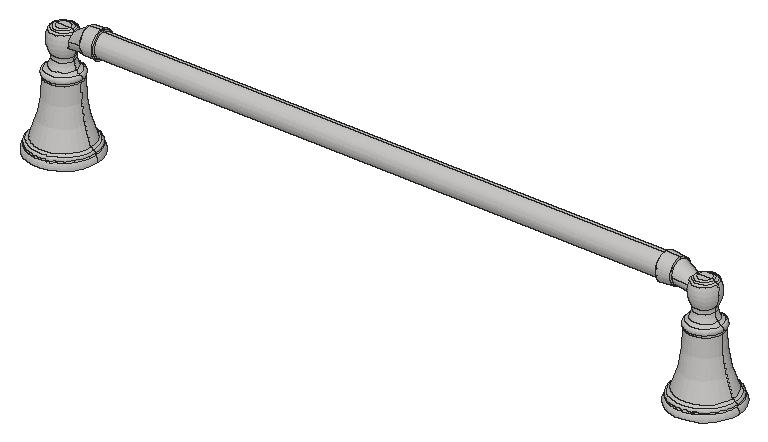
Revit family "FG73218-SUP413763_BIM", category Plumbing Fixtures, host Face, Revit 2014
Parameters (values of type "Standard")
  Width = 19 237/256"  # constant formula
  Vent Connection = no
  URL = "www.deltafaucet.com"
  Manufacturer = "DELTA"  # constant formula
  Faucet Material = Metal - Delta - Stainless-Steel
  Model = "FG73218-SUP413763"  # constant formula
  Height = 3 101/256"  # constant formula
  Description = "Faucet"  # constant formula
  Depth = 1 29/32"  # constant formula
  Default Elevation = 0"
Reference planes (in)
  plane 1 "Center (Front/Back)": y = 0
  plane 2: z = 0
  plane 3 "Center (Left/Right)": x = 0
  plane 4: z = 3.39453
  plane 5: y = 0.95312
  plane 6: y = -0.95313
  plane 7: x = -9.96289
  plane 8: x = 9.96289
Forms (in)
  Revolve 1, solid, material "Metal - Delta - Stainless-Steel" <- "Faucet Material"
    sketch origin (0, 0, 0) x (1, 0, 0) y (0, 0, 1)
      loop
        line (-9.00147, 0) -> (-9.00147, 3.14703) -> (-9.19547, 3.14703)
        arc (-9.19547, 3.14703) -> (-9.22476, 3.13957) -> (-9.2469, 3.119) r 0.06121
        arc (-9.2469, 3.119) -> (-9.27048, 3.09628) -> (-9.30172, 3.08647) r 0.07142
        arc (-9.30172, 3.08647) -> (-9.3304, 3.0758) -> (-9.34886, 3.05139) r 0.05472
        arc (-9.34886, 3.05139) -> (-9.39247, 2.76052) -> (-9.31059, 2.47802) r 0.6879
        arc (-9.31059, 2.47802) -> (-9.28802, 2.41515) -> (-9.28539, 2.34841) r 0.2195
        arc (-9.28539, 2.34841) -> (-9.30933, 2.23977) -> (-9.35508, 2.13837) r 0.53859
        arc (-9.35508, 2.13837) -> (-9.39721, 2.08925) -> (-9.45406, 2.05834) r 0.17895
        arc (-9.45406, 2.05834) -> (-9.50724, 2.00957) -> (-9.50558, 1.93743) r 0.08734
        arc (-9.50558, 1.93743) -> (-9.49384, 1.90521) -> (-9.4887, 1.87131) r 0.1727
        arc (-9.4887, 1.87131) -> (-9.54035, 1.09129) -> (-9.77165, 0.34457) r 3.3445
        arc (-9.77165, 0.34457) -> (-9.80221, 0.30336) -> (-9.84744, 0.27915) r 0.11724
        arc (-9.84744, 0.27915) -> (-9.88394, 0.25157) -> (-9.89175, 0.2065) r 0.06228
        arc (-9.89175, 0.2065) -> (-9.892, 0.18866) -> (-9.89979, 0.1726) r 0.04114
        arc (-9.89979, 0.1726) -> (-9.94155, 0.09119) -> (-9.94907, 0) r 0.2351
        line (-9.94907, 0) -> (-9.00147, 0)
      axis (-9.00147, 0) -> (-9.00147, 3.14703)
    angle from 0 to 360
  Revolve 2, solid, material "Metal - Delta - Stainless-Steel" <- "Faucet Material"
    sketch origin (0, 0, 0) x (1, 0, 0) y (0, 0, 1)
      loop
        arc (-7.92333, 3.40297) -> (-8.08989, 3.39758) -> (-8.25586, 3.38257) r 2.87932
        line (-8.25586, 3.38257) -> (-8.25586, 3.02989) -> (8.29734, 3.02989) -> (8.29734, 3.37651)
        arc (8.29734, 3.37651) -> (8.10784, 3.39602) -> (7.91747, 3.40297) r 2.87932
        arc (7.91747, 3.40297) -> (7.90302, 3.39703) -> (7.89703, 3.38259) r 0.02038
        line (7.89703, 3.38259) -> (7.89703, 3.34331) -> (-7.90289, 3.34331) -> (-7.90289, 3.38259)
        arc (-7.90289, 3.38259) -> (-7.90888, 3.39703) -> (-7.92333, 3.40297) r 0.02038
      axis (-8.25586, 3.02989) -> (8.29734, 3.02989)
    angle from 0 to 360
  Revolve 3, solid, material "Metal - Delta - Stainless-Steel" <- "Faucet Material"
    sketch origin (0, 0, 0) x (-1, 0, 0) y (0, 0, 1)
      loop
        line (-9.00147, 0) -> (-9.00147, 3.14703) -> (-9.19547, 3.14703)
        arc (-9.19547, 3.14703) -> (-9.22476, 3.13957) -> (-9.2469, 3.119) r 0.06121
        arc (-9.2469, 3.119) -> (-9.27048, 3.09628) -> (-9.30172, 3.08647) r 0.07142
        arc (-9.30172, 3.08647) -> (-9.3304, 3.0758) -> (-9.34886, 3.05139) r 0.05472
        arc (-9.34886, 3.05139) -> (-9.39247, 2.76052) -> (-9.31059, 2.47802) r 0.6879
        arc (-9.31059, 2.47802) -> (-9.28802, 2.41515) -> (-9.28539, 2.34841) r 0.2195
        arc (-9.28539, 2.34841) -> (-9.30933, 2.23977) -> (-9.35508, 2.13837) r 0.53859
        arc (-9.35508, 2.13837) -> (-9.39721, 2.08925) -> (-9.45406, 2.05834) r 0.17895
        arc (-9.45406, 2.05834) -> (-9.50724, 2.00957) -> (-9.50558, 1.93743) r 0.08734
        arc (-9.50558, 1.93743) -> (-9.49384, 1.90521) -> (-9.4887, 1.87131) r 0.1727
        arc (-9.4887, 1.87131) -> (-9.54035, 1.09129) -> (-9.77165, 0.34457) r 3.3445
        arc (-9.77165, 0.34457) -> (-9.80221, 0.30336) -> (-9.84744, 0.27915) r 0.11724
        arc (-9.84744, 0.27915) -> (-9.88394, 0.25157) -> (-9.89175, 0.2065) r 0.06228
        arc (-9.89175, 0.2065) -> (-9.892, 0.18866) -> (-9.89979, 0.1726) r 0.04114
        arc (-9.89979, 0.1726) -> (-9.94155, 0.09119) -> (-9.94907, 0) r 0.2351
        line (-9.94907, 0) -> (-9.00147, 0)
      axis (-9.00147, 0) -> (-9.00147, 3.14703)
    angle from 0 to 360
  Blend 4, solid, material "Metal - Delta - Stainless-Steel" <- "Faucet Material"
    base sketch origin (0, 0, 0) x (0, 1, 0) y (0, 0, 1)
      loop
        arc (0.21597, 2.89299) -> (0, 3.0389) -> (-0.21597, 2.89299) r 0.23279
        arc (-0.21597, 2.89299) -> (0, 2.64492) -> (0.21597, 2.89299) r 0.21805
    top sketch origin (0, 0, 0) x (0, 1, 0) y (0, 0, 1)
      loop
        circle (0, 3.0315) r 0.31182
    from -8.77803 to -8.29763
  Blend 5, solid, material "Metal - Delta - Stainless-Steel" <- "Faucet Material"
    base sketch origin (0, 0, 0) x (0, 1, 0) y (0, 0, -1)
      loop
        arc (0.21597, -2.89299) -> (0, -2.64492) -> (-0.21597, -2.89299) r 0.21805
        arc (-0.21597, -2.89299) -> (0, -3.0389) -> (0.21597, -2.89299) r 0.23279
    top sketch origin (0, 0, 0) x (0, 1, 0) y (0, 0, -1)
      loop
        circle (0, -3.0315) r 0.31182
    from -8.77803 to -8.29763
Dimensions and locks (in)
  "Height": plane 4 to plane 2
  equal spacing: plane 6, plane 1 "Center (Front/Back)", plane 5
  "Depth": plane 6 to plane 5
  equal spacing: plane 7, plane 3 "Center (Left/Right)", plane 8
  "Width": plane 7 to plane 8
  aligned and locked: plane 2 to host face
  aligned and locked: level to host face
Automatic sketch dimensions
  host sketch curve to host sketch curve = 96"  (x2)
  Revolve 1 sketch curve to level = 0"
  Revolve 1 sketch curve to plane 4 = 1.69379"
  Revolve 1 sketch curve to plane 7 = 2.86596"
  plane 7 to Revolve 1 sketch curve = 0.01382"
  plane 7 to Revolve 1 sketch curve = 0.03085"
  plane 7 to Revolve 1 sketch curve = 0.08407"
  Revolve 1 sketch curve to Revolve 1 sketch curve = 0.10127"
  plane 7 to Revolve 1 sketch curve = 0.14237"
  level to Revolve 1 sketch curve = 0.02664"
  Revolve 1 sketch curve to Revolve 1 sketch curve = 0.11529"
  plane 7 to Revolve 1 sketch curve = 0.30172"
  Revolve 1 sketch curve to Revolve 1 sketch curve = 0.31079"
  Revolve 1 sketch curve to Revolve 1 sketch curve = 0.00624"
  Revolve 1 sketch curve to Revolve 1 sketch curve = 0.23428"
  Revolve 1 sketch curve to plane 4 = 0.23682"
  plane 7 to Revolve 1 sketch curve = 0.65596"
  Revolve 1 sketch curve to Revolve 1 sketch curve = 0.00919"
  Revolve 1 sketch curve to Revolve 1 sketch curve = 0.11146"
  Revolve 1 sketch curve to Revolve 1 sketch curve = 0.19399"
  Revolve 1 sketch curve to Revolve 1 sketch curve = 0.29537"
  level to Revolve 1 sketch curve = 0.19814"
  Revolve 1 sketch curve to Revolve 1 sketch curve = 0.04654"
  Revolve 1 sketch curve to Revolve 1 sketch curve = 0.17297"
  Revolve 1 sketch curve to Revolve 1 sketch curve = 1.29521"
  Revolve 1 sketch curve to Revolve 1 sketch curve = 0.11283"
  Revolve 1 sketch curve to Revolve 1 sketch curve = 0.25308"
  Revolve 1 sketch curve to Revolve 1 sketch curve = 0.14484"
  Revolve 1 sketch curve to Revolve 1 sketch curve = 0.03612"
  Revolve 1 sketch curve to plane 4 = 0.5882"
  Revolve 1 sketch curve to Revolve 1 sketch curve = 0.12581"
  Revolve 1 sketch curve to Revolve 1 sketch curve = 0.05392"
  Revolve 1 sketch curve to Revolve 1 sketch curve = 0.06121"
  Revolve 1 sketch curve to Revolve 1 sketch curve = 0"  (x11)
  Revolve 1 sketch curve to Revolve 1 sketch curve = 0.01688"
  Revolve 1 sketch curve to Revolve 1 sketch curve = 0.05113"
  Revolve 1 sketch curve to Revolve 1 sketch curve = 1/4"
  Revolve 1 sketch curve to Revolve 1 sketch curve = 0.10758"
  Revolve 2 sketch curve to plane 4 = 0.01196"
  plane 7 to Revolve 2 sketch curve = 1 181/256"
  Revolve 2 sketch curve to plane 4 = 0.01194"  (x2)
  Revolve 2 sketch curve to Revolve 2 sketch curve = 0.33259"
  level to Revolve 2 sketch curve = 0.52367"  (x2)
  plane 7 to Revolve 2 sketch curve = 2.04929"
  Revolve 2 sketch curve to Revolve 2 sketch curve = 0.02038"  (x2)
  plane 8 to Revolve 2 sketch curve = 2.06586"
  plane 8 to Revolve 2 sketch curve = 2.05515"
  Revolve 2 sketch curve to Revolve 2 sketch curve = 0.40031"
  Revolve 2 sketch curve to Revolve 2 sketch curve = 0.35268"
  Revolve 2 sketch curve to Revolve 2 sketch curve = 0.03928"
  Revolve 2 sketch curve to plane 4 = 0.01802"
  Revolve 2 sketch curve to Revolve 2 sketch curve = 0.10337"
  Revolve 2 sketch curve to Revolve 2 sketch curve = 0.16941"
  Revolve 2 sketch curve to Revolve 2 sketch curve = 0"
  Revolve 3 sketch curve to level = 0"
  plane 4 to Revolve 3 sketch curve = 1.69379"
  plane 8 to Revolve 3 sketch curve = 2.86596"
  Revolve 3 sketch curve to plane 8 = 0.01382"
  Revolve 3 sketch curve to plane 8 = 0.03085"
  Revolve 3 sketch curve to plane 8 = 0.08407"
  Revolve 3 sketch curve to Revolve 3 sketch curve = 0.10127"
  Revolve 3 sketch curve to plane 8 = 0.14237"
  Revolve 3 sketch curve to level = 0.02664"
  Revolve 3 sketch curve to Revolve 3 sketch curve = 0.11529"
  Revolve 3 sketch curve to plane 8 = 0.30172"
  Revolve 3 sketch curve to Revolve 3 sketch curve = 0.31079"
  Revolve 3 sketch curve to Revolve 3 sketch curve = 0.00624"
  Revolve 3 sketch curve to Revolve 3 sketch curve = 0.23428"
  plane 4 to Revolve 3 sketch curve = 0.23682"
  Revolve 3 sketch curve to plane 8 = 0.65596"
  Revolve 3 sketch curve to Revolve 3 sketch curve = 0.00919"
  Revolve 3 sketch curve to Revolve 3 sketch curve = 0.11146"
  Revolve 3 sketch curve to Revolve 3 sketch curve = 0.19399"
  Revolve 3 sketch curve to Revolve 3 sketch curve = 0.29537"
  Revolve 3 sketch curve to level = 0.19814"
  Revolve 3 sketch curve to Revolve 3 sketch curve = 0.04654"
  Revolve 3 sketch curve to Revolve 3 sketch curve = 0.17297"
  Revolve 3 sketch curve to Revolve 3 sketch curve = 1.29521"
  Revolve 3 sketch curve to Revolve 3 sketch curve = 0.11283"
  Revolve 3 sketch curve to Revolve 3 sketch curve = 0.25308"
  Revolve 3 sketch curve to Revolve 3 sketch curve = 0.14484"
  Revolve 3 sketch curve to Revolve 3 sketch curve = 0.03612"
  plane 4 to Revolve 3 sketch curve = 0.5882"
  Revolve 3 sketch curve to Revolve 3 sketch curve = 0.12581"
  Revolve 3 sketch curve to Revolve 3 sketch curve = 0.05392"
  Revolve 3 sketch curve to Revolve 3 sketch curve = 0.06121"
  Revolve 3 sketch curve to Revolve 3 sketch curve = 0"  (x11)
  Revolve 3 sketch curve to Revolve 3 sketch curve = 0.01688"
  Revolve 3 sketch curve to Revolve 3 sketch curve = 0.05113"
  Revolve 3 sketch curve to Revolve 3 sketch curve = 1/4"
  Revolve 3 sketch curve to Revolve 3 sketch curve = 0.10758"
  Blend 4 sketch curve to plane 1 "Center (Front/Back)" = 0"  (x3)
  Blend 4 sketch curve to plane 4 = 0.58842"
  Blend 4 sketch curve to Blend 4 sketch curve = 0.05686"
  plane 1 "Center (Front/Back)" to Blend 4 sketch curve = 0.21597"
  Blend 4 sketch curve to Blend 4 sketch curve = 0.03003"
  Blend 4 sketch curve to plane 4 = 0.36304"
  Blend 5 sketch curve to plane 1 "Center (Front/Back)" = 0"  (x3)
  Blend 5 sketch curve to plane 4 = 0.53156"
  Blend 5 sketch curve to Blend 5 sketch curve = 0.05686"
  plane 1 "Center (Front/Back)" to Blend 5 sketch curve = 0.21597"
  Blend 5 sketch curve to Blend 5 sketch curve = 0.03003"
  Blend 5 sketch curve to plane 4 = 0.36304"
  radius of Blend 4 sketch curve = 0.31182"
  radius of Blend 5 sketch curve = 0.31182"
